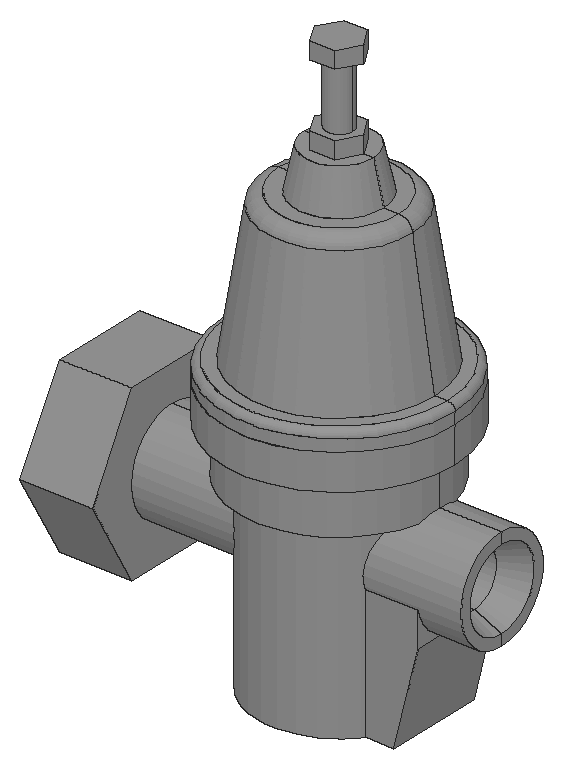
Revit family "prv-c-small", category Generic Models, Revit 2015
Parameters (values of type "PRV0.50-SU-IPS-C")
  hex thk = 0.53366"
  hex rp = 1.50"
  h = 1.30"
  ext2 = 0.40"
  ext1 = 0.60"
  Size Radius = Size / 2  # 0.25"
  Size = 0.50"
  Rev2 = 0.12"
  Rev1 = 1.55078"
  Pressure Adjusting screw = Stainless Steel, Polished
  HEX = 1.55"
  H = 3.94141"
  DU-IPS-C' = [DU-IPS-C] * 2 / 3.25  # 2.33846"
  DU-IPS-C = 3.80"
  Body and Cage = Bronze
  2hex thk = 0.15"
  2hex L = 0.38"
Types (4): name | hex thk | hex rp | h | ext2 | ext1 | Size Radius | Size | Rev2 | Rev1 | HEX | H | DU-IPS-C' | DU-IPS-C | 2hex thk | 2hex L
  (no name) | 0.53366" | 1.50" | 1.30" | 0.40" | 0.60" | 0.25" | 0.50" | 0.12" | 1.55078" | 1.55" | 3.94141" | 2.33846" | 3.80" | 0.15" | 0.38"
  PRV0.50-SU-IPS-C | 0.53366" | 1.50" | 1.30" | 0.40" | 0.60" | 0.25" | 0.50" | 0.12" | 1.55078" | 1.55" | 3.94141" | 2.33846" | 3.80" | 0.15" | 0.38"
  PRV0.75-SU-IPS-C | 0.55" | 1.60" | 1.30078" | 0.40" | 0.6989" | 0.375" | 0.75" | 0.13" | 1.64844" | 1.55" | 3.94141" | 2.49846" | 4.06" | 0.17" | 0.42"
  PRV1.00-SU-IPS-C | 0.75" | 2.75" | 1.30078" | 1.00" | 0.80" | 0.50" | 1.00" | 0.20" | 1.75" | 2.25" | 4.96094" | 3.86462" | 6.28" | 0.2517" | 0.75"
Reference planes (in)
  plane 1 "Center (Front/Back)": y = 0
  plane 2: z = 0
  plane 3 "Center (Left/Right)": x = 0
  plane 4: x = 1.46154
  plane 5: x = -2.33846
  plane 6: x = -0.43846
  plane 7: z = 3.94141
  plane 8: z = -1.3
  plane 9: through (-170.25824, 0, 0) normal (0, -0.866, 0.5)
  plane 10: through (-170.25824, 0, 0) normal (0, -0.866, -0.5)
  plane 11: through (0, 0, 47.24409) normal (0.866, 0.5, 0)
  plane 12: through (0, 0, 47.24409) normal (0.866, -0.5, 0)
  plane 13: z = 4.0136
  plane 14: through (0, 0, -39.56193) normal (-0.866, -0.5, 0)
  plane 15: through (0, 0, -39.56193) normal (-0.866, 0.5, 0)
Forms (in)
  Revolve 1, solid, material "Bronze" <- "Body and Cage"
    sketch origin (-2.76953, 0, 0) x (-1, 0, 0) y (0, 0, 1)
      loop
        line (-4.23107, 0.46079) -> (-4.23107, 0.36264) -> (-3.9895, 0.25) -> (-0.67264, 0.25) -> (-0.43107, 0.36264) -> (-0.43107, 0.46079) -> (-4.23107, 0.46079)
      axis (-0.43107, 0) -> (-4.23107, 0)
    angle from 0 to 360
  Extrusion 2, solid, material "Bronze" <- "Body and Cage"
    sketch origin (-2.25824, 0, 0) x (0, 1, 0) y (0, 0, -1)
      loop
        line (-0.44745, -0.775) -> (0.44745, -0.775) -> (0.89489, 0) -> (0.44745, 0.775) -> (-0.44745, 0.775) -> (-0.89489, 0) -> (-0.44745, -0.775)
    from -0.10824 to -0.75824
  Extrusion 3, void
    sketch origin (0, 0, 0) x (0, 1, 0) y (0, 0, 1)
      loop
        circle (0, 0) r 0.25
    from -8.66324 to 12
  Revolve 4, solid, material "Bronze" <- "Body and Cage"
    sketch origin (0, 0, 0) x (1, 0, 0) y (0, 0, 1)
      loop
        line (-1.04263, 1.17038) -> (-1.04263, 0.85037) -> (-0.90377, 0.85037) -> (-0.90377, 0.41128) -> (-0.74177, 0.41128) -> (-0.74177, -1.3) -> (0, -1.3) -> (0, 1.17038) -> (-1.04263, 1.17038)
      axis (0, -1.3) -> (0, 1.17038)
    angle from 0 to 360
  Revolve 5, solid, material "Bronze" <- "Body and Cage"
    sketch origin (0, 0, 0) x (1, 0, 0) y (0, 0, 1)
      loop
        line (-0.39813, 2.69141) -> (-0.53845, 2.69141)
        arc (-0.53845, 2.69141) -> (-0.62161, 2.66073) -> (-0.66492, 2.58339) r 0.12804
        line (-0.66492, 2.58339) -> (-0.8612, 1.34414) -> (-0.97595, 1.34414)
        arc (-0.97595, 1.34414) -> (-1.02193, 1.32509) -> (-1.04097, 1.27911) r 0.06503
        line (-1.04097, 1.27911) -> (-1.04097, 1.17038) -> (0, 1.17038) -> (0, 3.06626) -> (-0.31159, 3.06626) -> (-0.39813, 2.69141)
      axis (0, 1.17038) -> (0, 3.06626)
    angle from 0 to 360
  Extrusion 6, solid, material "Bronze" <- "Body and Cage"
    sketch origin (0, 0, 0) x (1, 0, 0) y (0, 0, 1)
      loop
        line (0.6, -1.3) -> (0.85354, -1.3) -> (1.06154, -0.43278) -> (1.06154, 0) -> (0.6, 0) -> (0.6, -1.3)
    from -0.44745 to 0.44745
  Extrusion 7, solid, material "Stainless Steel, Polished" <- "Pressure Adjusting screw"
    sketch origin (0, 0, 0) x (1, 0, 0) y (0, 1, 0)
      loop
        line (-0.1097, 0.19) -> (-0.21939, 0) -> (-0.1097, -0.19) -> (0.1097, -0.19) -> (0.21939, 0) -> (0.1097, 0.19) -> (-0.1097, 0.19)
    from 3.79141 to 3.94141
  Revolve 8, solid, material "Stainless Steel, Polished" <- "Pressure Adjusting screw"
    sketch origin (0, 0, 0) x (1, 0, 0) y (0, 0, 1)
      loop
        line (0, 3.79141) -> (-0.12, 3.79141) -> (-0.12, 3.06626) -> (0, 3.06626) -> (0, 3.79141)
      axis (0, 3.06626) -> (0, 3.79141)
    angle from 0 to 360
  Extrusion 9, solid, material "Stainless Steel, Polished" <- "Pressure Adjusting screw"
    sketch origin (0, 0, 7.68217) x (0, -1, 0) y (1, 0, 0)
      loop
        line (-0.19, -0.1097) -> (0, -0.21939) -> (0.19, -0.1097) -> (0.19, 0.1097) -> (0, 0.21939) -> (-0.19, 0.1097) -> (-0.19, -0.1097)
    from -4.61591 to -4.46591
Cuts and joins
  Extrusion 3 cuts Extrusion 2
  Extrusion 3 cuts Revolve 4
  Extrusion 3 cuts Extrusion 6
  joined: Revolve 1, Extrusion 2, Revolve 4, Extrusion 6
Dimensions and locks (in)
  "DU-IPS-C'": plane 3 "Center (Left/Right)" to plane 5
  "DU-IPS-C": plane 4 to plane 5
  equal spacing: plane 4, plane 6, plane 5
  "Size Radius": Revolve 1 sketch curve to Revolve 1 sketch curve
  "H": plane 7 to plane 2
  "h": plane 8 to plane 2
  Extrusion 2 sketch curve to Extrusion 2 sketch curve = 1.55"
  "HEX": Extrusion 2 sketch curve to Extrusion 2 sketch curve  (x3)
  equal spacing: Extrusion 2 sketch curve, plane 10, Extrusion 2 sketch curve
  equal spacing: Extrusion 2 sketch curve, plane 9, Extrusion 2 sketch curve
  "hex rp": Extrusion 2 to plane 3 "Center (Left/Right)"
  "ext2": plane 4 to Extrusion 6 sketch curve
  "ext1": Extrusion 6 sketch curve to plane 3 "Center (Left/Right)"
  "2hex thk": plane 7 to Extrusion 7
  equal spacing: Extrusion 7 sketch curve, plane 12, Extrusion 7 sketch curve
  equal spacing: Extrusion 7 sketch curve, plane 11, Extrusion 7 sketch curve
  equal spacing: Extrusion 7 sketch curve, plane 1 "Center (Front/Back)", Extrusion 7 sketch curve
  "2hex L": Extrusion 7 sketch curve to Extrusion 7 sketch curve  (x3)
  "Rev2": Revolve 8 sketch curve to Revolve 8 sketch curve
  plane 13 to plane 7 to Revolve 5 = 0.07219", 0.87515"
  equal spacing: Extrusion 9 sketch curve, plane 15, Extrusion 9 sketch curve
  equal spacing: Extrusion 9 sketch curve, plane 14, Extrusion 9 sketch curve
  Extrusion 9 sketch curve to Extrusion 9 sketch curve = 0.38"
  "2hex L": Extrusion 9 sketch curve to Extrusion 9 sketch curve  (x3)
  "2hex thk": Extrusion 9 to Extrusion 9
  "Size Radius": radius of Extrusion 3 sketch curve
  angle plane 11 to plane 1 "Center (Front/Back)" = 60.00°
  angle plane 12 to plane 1 "Center (Front/Back)" = 120.00°
  aligned and locked: level to Extrusion 3 sketch curve
  aligned and locked: plane 1 "Center (Front/Back)" to Extrusion 3 sketch curve
  aligned and locked: plane 3 "Center (Left/Right)" to Revolve 4 sketch curve
  aligned and locked: Revolve 4 to plane 8
  aligned and locked: plane 3 "Center (Left/Right)" to Revolve 5 sketch curve
  aligned and locked: Extrusion 6 sketch curve to plane 8
  aligned and locked: plane 7 to Extrusion 7
  aligned and locked: Revolve 8 sketch curve to plane 3 "Center (Left/Right)"
  aligned and locked: plane 3 "Center (Left/Right)" to Revolve 8 sketch curve
  aligned and locked: Extrusion 7 to Revolve 8 sketch curve
  aligned and locked: Revolve 5 to Revolve 8 sketch curve
  aligned and locked: Revolve 5 to Extrusion 9
Automatic sketch dimensions
  Revolve 4 sketch curve to plane 8 = 0.00"
  Revolve 4 sketch curve to plane 3 "Center (Left/Right)" = 0.00"
  plane 6 to Revolve 4 sketch curve = 0.30331"
  plane 6 to Revolve 4 sketch curve = 0.46531"
  Revolve 4 sketch curve to Revolve 4 sketch curve = 0.13886"
  level to Revolve 4 sketch curve = 0.41128"
  Revolve 4 sketch curve to Revolve 4 sketch curve = 0.43909"
  Revolve 4 sketch curve to Revolve 4 sketch curve = 0.32001"
  Revolve 4 sketch curve to Revolve 4 sketch curve = 1.1849"
  Revolve 4 sketch curve to Revolve 4 sketch curve = 0.50"
  Revolve 5 sketch curve to plane 3 "Center (Left/Right)" = 0.00"
  Revolve 5 sketch curve to plane 6 = 0.12688"
  Revolve 5 sketch curve to plane 6 = 0.04033"
  plane 6 to Revolve 5 sketch curve = 0.09999"
  Revolve 5 sketch curve to Revolve 5 sketch curve = 0.12647"
  plane 6 to Revolve 5 sketch curve = 0.42274"
  Revolve 5 sketch curve to Revolve 5 sketch curve = 0.11475"
  Revolve 5 sketch curve to Revolve 5 sketch curve = 0.06503"
  level to Revolve 5 sketch curve = 1.17038"
  Revolve 5 sketch curve to Revolve 5 sketch curve = 0.10873"
  Revolve 5 sketch curve to Revolve 5 sketch curve = 1.21923"
  Revolve 5 sketch curve to Revolve 5 sketch curve = 0.02003"
  Revolve 5 sketch curve to Revolve 5 sketch curve = 0.37485"
  Revolve 5 sketch curve to Revolve 5 sketch curve = 0.25"
  plane 7 to Revolve 5 sketch curve = 0.62485"
  Revolve 1 sketch curve to plane 4 = 0.00"
  Revolve 1 sketch curve to level = 0.00"
  Revolve 1 sketch curve to plane 5 = 0.00"
  plane 4 to Revolve 1 sketch curve = 0.24157"
  Revolve 1 sketch curve to plane 5 = 0.24157"
  Revolve 1 sketch curve to Revolve 1 sketch curve = 0.11264"  (x2)
  Revolve 1 sketch curve to Revolve 1 sketch curve = 0.09814"
  plane 4 to Revolve 1 sketch curve = 0.06822"
  Revolve 1 sketch curve to plane 3 "Center (Left/Right)" = 0.37726"
  plane 10 to Extrusion 2 sketch curve = 0.00"
  Extrusion 6 sketch curve to level = 0.00"
  Extrusion 6 sketch curve to Extrusion 6 sketch curve = 0.25354"
  Extrusion 6 sketch curve to Extrusion 6 sketch curve = 0.43278"
  plane 13 to Revolve 8 sketch curve = 0.06263"
  Revolve 8 sketch curve to Revolve 8 sketch curve = 0.09005"
  Extrusion 9 sketch curve to plane 14 = 0.00"
Connectors (in)
  piping at (1.46154, 0, 0), diameter 0.5, driven by "Size"
    settings: on cut or joined group of Revolve 1, Extrusion 2, Extrusion 3, Revolve 4, Extrusion 6, index 1, connector inside diameter 609.6 mm, connector length 0.00", flow factor 0, pipe flow 0.0 L/s, pressure drop 0.0 Pa, fitting loss kfactor 0, connector angle 0.00°, fixture units 0, engagement length 0.00", angle of deflection 0.00°, flow configuration 0, flow direction 0, fitting loss method 0, system type 7, joint type 0, gender type 0, connector reference index -1, connector utility 0, adjustable connector no, is connector primary yes, connector description ""
  piping at (-2.33846, 0, 0), diameter 0.5, driven by "Size"
    settings: on cut or joined group of Revolve 1, Extrusion 2, Extrusion 3, Revolve 4, Extrusion 6, index 2, connector inside diameter 609.6 mm, connector length 0.00", flow factor 0, pipe flow 0.0 L/s, pressure drop 0.0 Pa, fitting loss kfactor 0, connector angle 0.00°, fixture units 0, engagement length 0.00", angle of deflection 0.00°, flow configuration 0, flow direction 0, fitting loss method 0, system type 7, joint type 0, gender type 0, connector reference index -1, connector utility 0, adjustable connector no, is connector primary no, connector description ""
